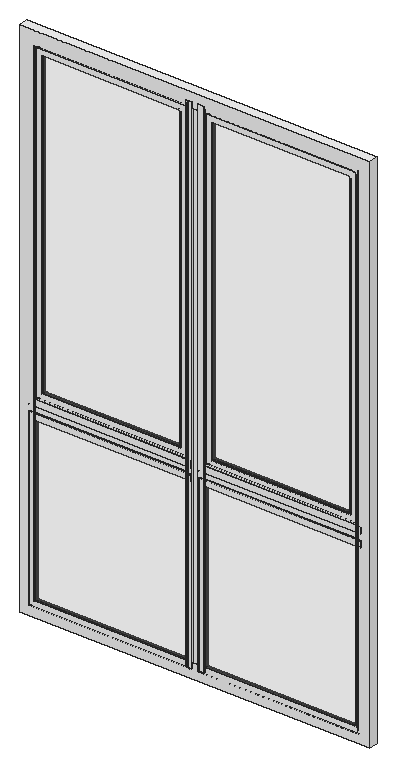
Revit family
Parameters (values of type "SHH1218")
  Height = 1790 mm
  Head Height = 2125 mm
  Default Sill Height = Head Height - Height  # 335 mm
  Wall Closure = (empty or 0)
  Width = 1190 mm
Types (3, lengths in mm): name | Height | Default Sill Height
  (no name) | 1790 | 335
  SHH1218 | 1790 | 335
  SHH1215 | 1490 | 635
Reference planes
  plane 1 "Center (Front/Back)": y = 0
  plane 2 "Center (Left/Right)": x = 0
  plane 3 "Left": x = -595
  plane 4 "Right": x = 595
  plane 5 "Sill": z = 335
  plane 6 "Head": z = 2125
  plane 7 "Exterior": y = 100
  plane 8 "Interior": y = -100
  plane 9: y = -30.5
  plane 10: x = 0
  plane 11: z = 968.15
  plane 12: z = 1538.275
Forms (mm)
  Sweep 1, solid, material "Default Frame"
    path origin (0, 100, 0) x (1, 0, 0) y (0, 0, 1)
      loop
        line (595, 2125) -> (-595, 2125) -> (-595, 335) -> (595, 335) -> (595, 2125)
    profile origin (0, 100, 2125) x (0, 0, -1) y (0, -1, 0)
      loop
        line (0, 115.25) -> (0, 84.75) -> (30.58, 84.75) -> (30.58, 87.464) -> (28.08, 86.021) -> (28.08, 113.85) -> (39.575, 113.85) -> (39.575, 111.85) -> (46.275, 111.85)
        arc (46.275, 111.85) -> (46.875, 111.25) -> (47.475, 111.85) r 0.6
        line (47.475, 111.85) -> (47.475, 115.25) -> (0, 115.25)
  Sweep 2, solid, material "Default Frame"
    path origin (-2000, 100, 1819.513) x (0, 0, -1) y (1, 0, 0)
      loop
        line (1453.933, 2025) -> (-274.907, 2025)
    profile origin (25, 100, 1230) x (-1, 0, 0) y (0, -1, 0)
      loop
        line (-5.9, 115.25) -> (-5.9, 111.85)
        arc (-5.9, 111.85) -> (-5.3, 111.25) -> (-4.7, 111.85) r 0.6
        line (-4.7, 111.85) -> (2, 111.85) -> (2, 113.85) -> (13.5, 113.85) -> (13.5, 86.026) -> (11, 87.47) -> (11, 84.75) -> (39, 84.75) -> (39, 87.47) -> (36.5, 86.026) -> (36.5, 113.85) -> (48, 113.85) -> (48, 111.85) -> (54.7, 111.85)
        arc (54.7, 111.85) -> (55.3, 111.25) -> (55.9, 111.85) r 0.6
        line (55.9, 111.85) -> (55.9, 115.25) -> (34.5, 115.25) -> (34.5, 111.07) -> (15.5, 111.07) -> (15.5, 115.25) -> (-5.9, 115.25)
  Extrusion 3, solid, material "Glass"
    sketch origin (0, 0.5, 49.432) x (-1, 0, 0) y (0, 0, -1)
      loop
        line (-39.24, -2019.688) -> (-39.24, -957.958) -> (-539.12, -957.958) -> (-539.12, -2019.688) -> (-39.24, -2019.688)
    from 0 to 3
  Sweep 4, solid, material "Default Frame"
    path origin (50, -100, -50) x (-1, 0, 0) y (0, 0, 1)
      loop
        line (16.64, 2125) -> (-495, 2125) -> (-495, 1051.51) -> (16.64, 1051.51) -> (16.64, 2125)
    profile origin (289.18, -100, 2075) x (0, 0, -1) y (0, 1, 0)
      loop
        line (2.36, 95.735) -> (2.36, 105.637) -> (5.88, 105.637) -> (5.88, 104.637) -> (17.687, 104.637) -> (17.687, 105.637) -> (4.719, 118.735) -> (3.26, 118.735) -> (3.26, 116.536) -> (1.26, 117.263) -> (1.26, 91.035)
        arc (1.26, 91.035) -> (1.541, 90.736) -> (1.858, 90.997) r 0.3
        line (1.858, 90.997) -> (2.36, 95.735)
  Sweep 5, solid, material "Default Frame"
    path origin (50, -100, -50) x (-1, 0, 0) y (0, 0, 1)
      loop
        line (16.6, 2125) -> (-495, 2125) -> (-495, 1051.55) -> (16.6, 1051.55) -> (16.6, 2125)
    profile origin (289.2, -100, 2075) x (0, 0, -1) y (0, 1, 0)
      loop
        line (-10.425, 88.75) -> (20.155, 88.75) -> (20.155, 92.15)
        arc (20.155, 92.15) -> (19.555, 92.75) -> (18.955, 92.15) r 0.6
        line (18.955, 92.15) -> (12.255, 92.15) -> (12.255, 90.15) -> (0.76, 90.15) -> (0.76, 117.979) -> (3.26, 116.536) -> (3.26, 119.25) -> (-27.32, 119.25) -> (-27.32, 115.85)
        arc (-27.32, 115.85) -> (-26.72, 115.25) -> (-26.12, 115.85) r 0.6
        line (-26.12, 115.85) -> (-19.42, 115.85) -> (-19.42, 117.85) -> (-7.92, 117.85) -> (-7.92, 90.018) -> (-10.425, 91.464) -> (-10.425, 88.75)
  Sweep 6, solid, material "Rubber seal"
    path origin (50, -100, -50) x (-1, 0, 0) y (0, 0, 1)
      loop
        line (16.64, 2125) -> (-495, 2125) -> (-495, 1051.51) -> (16.64, 1051.51) -> (16.64, 2125)
    profile origin (289.18, -100, 2075) x (0, 0, -1) y (0, 1, 0)
      loop
        line (18.698, 104.637) -> (12.329, 104.637) -> (12.329, 100.5) -> (22.835, 100.5) -> (18.698, 104.637)
      loop
        line (22.835, 97.5) -> (12.329, 97.5) -> (12.329, 92.75) -> (19.555, 92.75) -> (22.835, 97.5)
  Sweep 7, solid, material "Default Frame"
    path origin (10.487, 100.399, -1182.85) x (1, 0, 0) y (0, 0, 1)
      loop
        line (553.933, 2175) -> (3.513, 2175)
    profile origin (289.21, 100.399, 992.15) x (0, 0, -1) y (0, -1, 0)
      loop
        line (-6.9, 115.449) -> (-6.9, 112.049)
        arc (-6.9, 112.049) -> (-6.3, 111.449) -> (-5.7, 112.049) r 0.6
        line (-5.7, 112.049) -> (1, 112.049) -> (1, 114.049) -> (12.5, 114.049) -> (12.5, 86.226) -> (10, 87.669) -> (10, 84.949) -> (38, 84.949) -> (38, 87.669) -> (35.5, 86.226) -> (35.5, 114.049) -> (47, 114.049) -> (47, 112.049) -> (53.7, 112.049)
        arc (53.7, 112.049) -> (54.3, 111.449) -> (54.9, 112.049) r 0.6
        line (54.9, 112.049) -> (54.9, 115.449) -> (33.5, 115.449) -> (33.5, 111.269) -> (14.5, 111.269) -> (14.5, 115.449) -> (-6.9, 115.449)
  Sweep 8, solid, material "Default Frame"
    path origin (415.12, -108, -69.76) x (-1, 0, 0) y (0, 0, 1)
      loop
        line (446.82, 1069.61) -> (-195.04, 1069.61) -> (-195.04, 389.6) -> (446.82, 389.6) -> (446.82, 1069.61)
    profile origin (289.23, -108, 999.85) x (0, 0, -1) y (0, 1, 0)
      loop
        line (44.84, 99.735) -> (44.84, 109.637) -> (48.361, 109.637) -> (48.361, 108.637) -> (60.167, 108.637) -> (60.167, 109.637) -> (47.199, 122.735) -> (45.74, 122.735) -> (45.74, 120.536) -> (43.741, 121.263) -> (43.741, 95.035)
        arc (43.741, 95.035) -> (44.022, 94.736) -> (44.338, 94.997) r 0.3
        line (44.338, 94.997) -> (44.84, 99.735)
  Sweep 9, solid, material "Rubber seal"
    path origin (415.12, -108, -69.76) x (-1, 0, 0) y (0, 0, 1)
      loop
        line (446.78, 1069.61) -> (-195.04, 1069.61) -> (-195.04, 389.6) -> (446.78, 389.6) -> (446.78, 1069.61)
    profile origin (289.25, -108, 999.85) x (0, 0, -1) y (0, 1, 0)
      loop
        line (61.027, 108.637) -> (54.657, 108.637) -> (54.657, 104.5) -> (65.164, 104.5) -> (61.027, 108.637)
      loop
        line (65.164, 101.5) -> (54.657, 101.5) -> (54.657, 96.75) -> (61.884, 96.75) -> (65.164, 101.5)
  Extrusion 10, solid, material "Glass"
    sketch origin (529.64, -3.5, 10.243) x (1, 0, 0) y (0, 0, 1)
      loop
        line (32.16, 941.246) -> (-512.979, 941.246) -> (-512.979, 357.957) -> (32.16, 357.957) -> (32.16, 941.246)
    from 0 to 3
  Sweep 11, solid, material "Default Frame"
    path origin (-50, -100, -50) x (1, 0, 0) y (0, 0, -1)
      loop
        line (16.64, -2125) -> (16.64, -1051.51) -> (-495, -1051.51) -> (-495, -2125) -> (16.64, -2125)
    profile origin (-289.18, -100, 2075) x (0, 0, 1) y (0, 1, 0)
      loop
        line (-2.36, 95.735) -> (-1.858, 90.997)
        arc (-1.858, 90.997) -> (-1.541, 90.736) -> (-1.26, 91.035) r 0.3
        line (-1.26, 91.035) -> (-1.26, 117.263) -> (-3.26, 116.536) -> (-3.26, 118.735) -> (-4.719, 118.735) -> (-17.687, 105.637) -> (-17.687, 104.637) -> (-5.88, 104.637) -> (-5.88, 105.637) -> (-2.36, 105.637) -> (-2.36, 95.735)
  Sweep 12, solid, material "Default Frame"
    path origin (-50, -100, -50) x (1, 0, 0) y (0, 0, -1)
      loop
        line (16.6, -2125) -> (16.6, -1051.55) -> (-495, -1051.55) -> (-495, -2125) -> (16.6, -2125)
    profile origin (-289.2, -100, 2075) x (0, 0, 1) y (0, 1, 0)
      loop
        line (10.425, 88.75) -> (10.425, 91.464) -> (7.92, 90.018) -> (7.92, 117.85) -> (19.42, 117.85) -> (19.42, 115.85) -> (26.12, 115.85)
        arc (26.12, 115.85) -> (26.72, 115.25) -> (27.32, 115.85) r 0.6
        line (27.32, 115.85) -> (27.32, 119.25) -> (-3.26, 119.25) -> (-3.26, 116.536) -> (-0.76, 117.979) -> (-0.76, 90.15) -> (-12.255, 90.15) -> (-12.255, 92.15) -> (-18.955, 92.15)
        arc (-18.955, 92.15) -> (-19.555, 92.75) -> (-20.155, 92.15) r 0.6
        line (-20.155, 92.15) -> (-20.155, 88.75) -> (10.425, 88.75)
  Sweep 13, solid, material "Rubber seal"
    path origin (-50, -100, -50) x (1, 0, 0) y (0, 0, -1)
      loop
        line (16.64, -2125) -> (16.64, -1051.51) -> (-495, -1051.51) -> (-495, -2125) -> (16.64, -2125)
    profile origin (-289.18, -100, 2075) x (0, 0, 1) y (0, 1, 0)
      loop
        line (-18.698, 104.637) -> (-22.835, 100.5) -> (-12.329, 100.5) -> (-12.329, 104.637) -> (-18.698, 104.637)
      loop
        line (-22.835, 97.5) -> (-19.555, 92.75) -> (-12.329, 92.75) -> (-12.329, 97.5) -> (-22.835, 97.5)
  Sweep 14, solid, material "Default Frame"
    path origin (-10.487, 100.399, -1182.85) x (-1, 0, 0) y (0, 0, -1)
      loop
        line (553.933, -2175) -> (3.513, -2175)
    profile origin (-289.21, 100.399, 992.15) x (0, 0, 1) y (0, -1, 0)
      loop
        line (6.9, 115.449) -> (-14.5, 115.449) -> (-14.5, 111.269) -> (-33.5, 111.269) -> (-33.5, 115.449) -> (-54.9, 115.449) -> (-54.9, 112.049)
        arc (-54.9, 112.049) -> (-54.3, 111.449) -> (-53.7, 112.049) r 0.6
        line (-53.7, 112.049) -> (-47, 112.049) -> (-47, 114.049) -> (-35.5, 114.049) -> (-35.5, 86.226) -> (-38, 87.669) -> (-38, 84.949) -> (-10, 84.949) -> (-10, 87.669) -> (-12.5, 86.226) -> (-12.5, 114.049) -> (-1, 114.049) -> (-1, 112.049) -> (5.7, 112.049)
        arc (5.7, 112.049) -> (6.3, 111.449) -> (6.9, 112.049) r 0.6
        line (6.9, 112.049) -> (6.9, 115.449)
  Sweep 15, solid, material "Default Frame"
    path origin (-415.12, -108, -69.76) x (1, 0, 0) y (0, 0, -1)
      loop
        line (446.82, -1069.61) -> (446.82, -389.6) -> (-195.04, -389.6) -> (-195.04, -1069.61) -> (446.82, -1069.61)
    profile origin (-289.23, -108, 999.85) x (0, 0, 1) y (0, 1, 0)
      loop
        line (-44.84, 99.735) -> (-44.338, 94.997)
        arc (-44.338, 94.997) -> (-44.022, 94.736) -> (-43.741, 95.035) r 0.3
        line (-43.741, 95.035) -> (-43.741, 121.263) -> (-45.74, 120.536) -> (-45.74, 122.735) -> (-47.199, 122.735) -> (-60.167, 109.637) -> (-60.167, 108.637) -> (-48.361, 108.637) -> (-48.361, 109.637) -> (-44.84, 109.637) -> (-44.84, 99.735)
  Sweep 16, solid, material "Rubber seal"
    path origin (-415.12, -108, -69.76) x (1, 0, 0) y (0, 0, -1)
      loop
        line (446.78, -1069.61) -> (446.78, -389.6) -> (-195.04, -389.6) -> (-195.04, -1069.61) -> (446.78, -1069.61)
    profile origin (-289.25, -108, 999.85) x (0, 0, 1) y (0, 1, 0)
      loop
        line (-61.027, 108.637) -> (-65.164, 104.5) -> (-54.657, 104.5) -> (-54.657, 108.637) -> (-61.027, 108.637)
      loop
        line (-65.164, 101.5) -> (-61.884, 96.75) -> (-54.657, 96.75) -> (-54.657, 101.5) -> (-65.164, 101.5)
  Extrusion 17, solid, material "Glass"
    sketch origin (0, 0.5, 49.432) x (1, 0, 0) y (0, 0, 1)
      loop
        line (-39.24, 2019.688) -> (-539.12, 2019.688) -> (-539.12, 957.958) -> (-39.24, 957.958) -> (-39.24, 2019.688)
    from 0 to 3
  Extrusion 18, solid, material "Glass"
    sketch origin (-529.64, -3.5, 10.243) x (-1, 0, 0) y (0, 0, -1)
      loop
        line (32.16, -941.246) -> (32.16, -357.957) -> (-512.979, -357.957) -> (-512.979, -941.246) -> (32.16, -941.246)
    from 0 to 3
Lines and regions (mm)
  Opening 1
    outline origin (3500, -100, 0) x (1, 0, 0) y (0, 0, 1)
      loop
        line (-2905, 335) -> (-2905, 2125) -> (-4095, 2125) -> (-4095, 335) -> (-2905, 335)
  symbolic lines, style "Elevation Swing"
    curve 1: line (6.08, 38.5, 1538.275) -> (572.32, 38.5, 974.23)
    curve 2: line (6.08, 38.5, 1538.275) -> (572.32, 38.5, 2102.32)
    curve 3: line (-6.08, 38.5, 1538.275) -> (-572.32, 38.5, 974.23)
    curve 4: line (-6.08, 38.5, 1538.275) -> (-572.32, 38.5, 2102.32)
Text (mm)
  text "EXTERIOR" at (-1963.203, 1332.353, 0), in view "Ref. Level"
  text "INTERIOR" at (-1981.466, -818.386, 0), in view "Ref. Level"
  text "Exterior" at (0, 923.751, 2943.296), in view "Right"
  text "Exterior" at (0, 1040.484, 2685.409), in view "Left"
Dimensions and locks
  equal spacing: plane 3 "Left", plane 2 "Center (Left/Right)", plane 4 "Right"
  "Width": plane 3 "Left" to plane 4 "Right"
  "Height": plane 5 "Sill" to plane 6 "Head"
  "Default Sill Height": plane 5 "Sill" to level
  locked: plane 7 "Exterior" to host wall at 0
  locked: plane 8 "Interior" to host wall
  locked: plane 10 to plane 4 "Right" at 595
  locked: plane 10 to Sweep 2 sketch curve at 25
  Sweep 8 sketch curve to Sweep 1 = 15.16 mm  (x2)
  Sweep 9 sketch curve to Sweep 1 = 15.16 mm
  plane 10 to Extrusion 10 = 16.661 mm
  Sweep 7 to Sweep 8 sketch curve = 45.7 mm
  Sweep 7 to Sweep 9 sketch curve = 45.7 mm
  equal spacing: Sweep 5, plane 12, Sweep 5
  plane 11 to Extrusion 3 = 39.24 mm
  plane 11 to Extrusion 10 = 16.661 mm
  Sweep 5 sketch curve to Sweep 2 = 19.4 mm
  Sweep 7 to Sweep 5 sketch curve = 19.4 mm
  Sweep 4 sketch curve to Sweep 5 = 3.3 mm
  Sweep 5 to Sweep 4 sketch curve = 3.3 mm
  Sweep 6 sketch curve to Sweep 5 = 3.3 mm
  Sweep 5 to Sweep 6 sketch curve = 3.3 mm
  Sweep 2 to Sweep 8 sketch curve = 45.7 mm
  Sweep 9 sketch curve to Sweep 8 = 45.7 mm
  Sweep 15 sketch curve to Sweep 14 = 45.7 mm
  Sweep 16 sketch curve to Sweep 14 = 45.7 mm
  Sweep 12 sketch curve to Sweep 14 = 19.4 mm
  Sweep 12 to Sweep 11 sketch curve = 3.3 mm  (x2)
  Sweep 12 to Sweep 13 sketch curve = 3.3 mm  (x2)
  Sweep 16 sketch curve to Sweep 15 = 45.7 mm
  aligned and locked: plane 12 to curve 2
  aligned and locked: plane 12 to curve 4
  aligned and locked: Sweep 12 to curve 4
  aligned and locked: curve 3 to Sweep 12
  aligned and locked: Sweep 5 to curve 1
  aligned and locked: curve 2 to Sweep 5
Automatic sketch dimensions
  Opening 1 sketch curve to plane 3 "Left" = 0 mm
  Opening 1 sketch curve to plane 4 "Right" = 0 mm
  Opening 1 sketch curve to plane 5 "Sill" = 0 mm
  Opening 1 sketch curve to plane 6 "Head" = 0 mm
  Sweep 1 sketch curve to plane 3 "Left" = 0 mm
  Sweep 1 sketch curve to plane 4 "Right" = 0 mm
  Sweep 1 sketch curve to plane 5 "Sill" = 0 mm
  Sweep 1 sketch curve to plane 6 "Head" = 0 mm
  Sweep 1 sketch curve to profile plane = 0 mm
  Sweep 1 sketch curve to profile plane = 28.08 mm
  Sweep 1 sketch curve to Sweep 1 sketch curve = 2.5 mm
  Sweep 1 sketch curve to Sweep 1 sketch curve = 11.495 mm
  Sweep 1 sketch curve to Sweep 1 sketch curve = 6.7 mm
  Sweep 1 sketch curve to Sweep 1 sketch curve = 0.6 mm
  profile plane to Sweep 1 sketch curve = 84.75 mm
  Sweep 1 sketch curve to Sweep 1 sketch curve = 1.271 mm
  Sweep 1 sketch curve to Sweep 1 sketch curve = 2.714 mm
  Sweep 1 sketch curve to Sweep 1 sketch curve = 24.386 mm
  Sweep 1 sketch curve to Sweep 1 sketch curve = 2 mm
  Sweep 1 sketch curve to Sweep 1 sketch curve = 3.4 mm
  curve 2 to plane 2 "Center (Left/Right)" = 6.08 mm
  plane 2 "Center (Left/Right)" to curve 4 = 6.08 mm
  plane 11 to curve 3 = 6.08 mm
  plane 11 to curve 1 = 6.08 mm
  plane 6 "Head" to curve 4 = 22.68 mm
  plane 6 "Head" to curve 2 = 22.68 mm
  plane 6 "Head" to Sweep 2 sketch curve = 30.58 mm
  Sweep 2 sketch curve to plane 5 "Sill" = 30.58 mm
  profile plane to Sweep 2 sketch curve = 5.9 mm
  Sweep 2 sketch curve to Sweep 2 sketch curve = 0.6 mm  (x2)
  Sweep 2 sketch curve to profile plane = 2 mm
  Sweep 2 sketch curve to profile plane = 11 mm
  Sweep 2 sketch curve to Sweep 2 sketch curve = 2.5 mm  (x2)
  Sweep 2 sketch curve to Sweep 2 sketch curve = 2 mm  (x4)
  Sweep 2 sketch curve to Sweep 2 sketch curve = 19 mm
  Sweep 2 sketch curve to Sweep 2 sketch curve = 11.5 mm
  Sweep 2 sketch curve to Sweep 2 sketch curve = 6.7 mm
  profile plane to Sweep 2 sketch curve = 84.75 mm
  Sweep 2 sketch curve to Sweep 2 sketch curve = 1.276 mm  (x2)
  Sweep 2 sketch curve to Sweep 2 sketch curve = 2.72 mm  (x2)
  Sweep 2 sketch curve to Sweep 2 sketch curve = 23.6 mm
  Sweep 2 sketch curve to Sweep 2 sketch curve = 0.78 mm  (x2)
  Sweep 2 sketch curve to Sweep 2 sketch curve = 3.4 mm  (x2)
  plane 4 "Right" to Extrusion 3 sketch curve = 55.88 mm
  Extrusion 3 sketch curve to plane 2 "Center (Left/Right)" = 39.24 mm
  plane 6 "Head" to Extrusion 3 sketch curve = 55.88 mm
  plane 11 to Extrusion 3 sketch curve = 39.24 mm
  plane 4 "Right" to Sweep 4 sketch curve = 50 mm
  Sweep 4 sketch curve to plane 2 "Center (Left/Right)" = 33.36 mm
  plane 11 to Sweep 4 sketch curve = 33.36 mm
  plane 6 "Head" to Sweep 4 sketch curve = 50 mm
  Sweep 4 sketch curve to profile plane = 1.26 mm
  Sweep 4 sketch curve to Sweep 4 sketch curve = 0.3 mm
  Sweep 4 sketch curve to Sweep 4 sketch curve = 0.298 mm
  Sweep 4 sketch curve to profile plane = 2.36 mm
  Sweep 4 sketch curve to Sweep 4 sketch curve = 2 mm
  Sweep 4 sketch curve to Sweep 4 sketch curve = 1.459 mm
  Sweep 4 sketch curve to Sweep 4 sketch curve = 3.52 mm
  Sweep 4 sketch curve to Sweep 4 sketch curve = 11.806 mm
  profile plane to Sweep 4 sketch curve = 90.997 mm
  Sweep 4 sketch curve to Sweep 4 sketch curve = 4.738 mm
  Sweep 4 sketch curve to Sweep 4 sketch curve = 8.902 mm
  Sweep 4 sketch curve to Sweep 4 sketch curve = 1 mm  (x2)
  Sweep 4 sketch curve to Sweep 4 sketch curve = 10.899 mm
  Sweep 4 sketch curve to Sweep 4 sketch curve = 0.728 mm
  Sweep 4 sketch curve to Sweep 4 sketch curve = 2.2 mm
  plane 4 "Right" to Sweep 5 sketch curve = 50 mm
  plane 6 "Head" to Sweep 5 sketch curve = 50 mm
  profile plane to Sweep 5 sketch curve = 27.32 mm
  Sweep 5 sketch curve to Sweep 5 sketch curve = 0.6 mm  (x2)
  Sweep 5 sketch curve to Sweep 5 sketch curve = 6.7 mm  (x2)
  profile plane to Sweep 5 sketch curve = 10.425 mm
  Sweep 5 sketch curve to Sweep 5 sketch curve = 2.505 mm
  Sweep 5 sketch curve to profile plane = 0.76 mm
  Sweep 5 sketch curve to Sweep 5 sketch curve = 2.5 mm
  Sweep 5 sketch curve to Sweep 5 sketch curve = 11.495 mm
  profile plane to Sweep 5 sketch curve = 88.75 mm
  Sweep 5 sketch curve to Sweep 5 sketch curve = 1.268 mm
  Sweep 5 sketch curve to Sweep 5 sketch curve = 1.4 mm
  Sweep 5 sketch curve to Sweep 5 sketch curve = 2.714 mm  (x2)
  Sweep 5 sketch curve to Sweep 5 sketch curve = 3.4 mm
  Sweep 5 sketch curve to Sweep 5 sketch curve = 24.386 mm
  Sweep 5 sketch curve to Sweep 5 sketch curve = 0.686 mm
  Sweep 5 sketch curve to Sweep 5 sketch curve = 2 mm
  Sweep 5 sketch curve to Sweep 5 sketch curve = 1.443 mm
  plane 4 "Right" to Sweep 6 sketch curve = 50 mm
  plane 6 "Head" to Sweep 6 sketch curve = 50 mm
  Sweep 6 sketch curve to profile plane = 12.329 mm
  Sweep 6 sketch curve to Sweep 6 sketch curve = 0 mm  (x2)
  Sweep 6 sketch curve to Sweep 6 sketch curve = 6.37 mm
  Sweep 6 sketch curve to Sweep 6 sketch curve = 7.226 mm
  Sweep 6 sketch curve to Sweep 6 sketch curve = 4.137 mm  (x2)
  profile plane to Sweep 6 sketch curve = 92.75 mm
  Sweep 6 sketch curve to Sweep 6 sketch curve = 4.75 mm
  Sweep 6 sketch curve to Sweep 6 sketch curve = 3 mm
  Sweep 7 sketch curve to plane 2 "Center (Left/Right)" = 14 mm
  plane 4 "Right" to Sweep 7 sketch curve = 30.58 mm
  plane 11 to Sweep 7 sketch curve = 24 mm
  profile plane to Sweep 7 sketch curve = 6.9 mm
  Sweep 7 sketch curve to Sweep 7 sketch curve = 0.6 mm  (x2)
  Sweep 7 sketch curve to profile plane = 1 mm
  Sweep 7 sketch curve to profile plane = 10 mm
  Sweep 7 sketch curve to Sweep 7 sketch curve = 2.5 mm  (x2)
  Sweep 7 sketch curve to Sweep 7 sketch curve = 2 mm  (x4)
  Sweep 7 sketch curve to Sweep 7 sketch curve = 19 mm
  Sweep 7 sketch curve to Sweep 7 sketch curve = 11.5 mm
  Sweep 7 sketch curve to Sweep 7 sketch curve = 6.7 mm
  profile plane to Sweep 7 sketch curve = 84.949 mm
  Sweep 7 sketch curve to Sweep 7 sketch curve = 1.276 mm  (x2)
  Sweep 7 sketch curve to Sweep 7 sketch curve = 2.72 mm  (x2)
  Sweep 7 sketch curve to Sweep 7 sketch curve = 23.6 mm
  Sweep 7 sketch curve to Sweep 7 sketch curve = 0.78 mm  (x2)
  Sweep 7 sketch curve to Sweep 7 sketch curve = 3.4 mm  (x2)
  Sweep 8 sketch curve to profile plane = 43.741 mm
  Sweep 8 sketch curve to Sweep 8 sketch curve = 0.3 mm
  Sweep 8 sketch curve to Sweep 8 sketch curve = 0.298 mm
  Sweep 8 sketch curve to Sweep 8 sketch curve = 0.502 mm
  Sweep 8 sketch curve to Sweep 8 sketch curve = 2 mm
  Sweep 8 sketch curve to Sweep 8 sketch curve = 1.459 mm
  Sweep 8 sketch curve to Sweep 8 sketch curve = 3.52 mm
  Sweep 8 sketch curve to Sweep 8 sketch curve = 11.806 mm
  profile plane to Sweep 8 sketch curve = 94.997 mm
  Sweep 8 sketch curve to Sweep 8 sketch curve = 4.738 mm
  Sweep 8 sketch curve to Sweep 8 sketch curve = 8.902 mm
  Sweep 8 sketch curve to Sweep 8 sketch curve = 1 mm  (x2)
  Sweep 8 sketch curve to Sweep 8 sketch curve = 10.899 mm
  Sweep 8 sketch curve to Sweep 8 sketch curve = 0.728 mm
  Sweep 8 sketch curve to Sweep 8 sketch curve = 2.2 mm
  plane 5 "Sill" to Sweep 9 sketch curve = 15.16 mm
  Sweep 9 sketch curve to profile plane = 54.657 mm
  Sweep 9 sketch curve to Sweep 9 sketch curve = 0 mm  (x2)
  Sweep 9 sketch curve to Sweep 9 sketch curve = 6.37 mm
  Sweep 9 sketch curve to Sweep 9 sketch curve = 7.226 mm
  Sweep 9 sketch curve to Sweep 9 sketch curve = 4.137 mm  (x2)
  profile plane to Sweep 9 sketch curve = 96.75 mm
  Sweep 9 sketch curve to Sweep 9 sketch curve = 4.75 mm
  Sweep 9 sketch curve to Sweep 9 sketch curve = 3 mm
  Extrusion 10 sketch curve to plane 2 "Center (Left/Right)" = 16.661 mm
  plane 4 "Right" to Extrusion 10 sketch curve = 33.2 mm
  Extrusion 10 sketch curve to plane 5 "Sill" = 33.2 mm
  Extrusion 10 sketch curve to plane 11 = 16.661 mm
  Sweep 11 sketch curve to plane 3 "Left" = 50 mm
  plane 2 "Center (Left/Right)" to Sweep 11 sketch curve = 33.36 mm
  plane 6 "Head" to Sweep 11 sketch curve = 50 mm
  plane 11 to Sweep 11 sketch curve = 33.36 mm
  profile plane to Sweep 11 sketch curve = 17.687 mm
  profile plane to Sweep 11 sketch curve = 5.88 mm
  profile plane to Sweep 11 sketch curve = 4.719 mm
  Sweep 11 sketch curve to Sweep 11 sketch curve = 1.459 mm
  profile plane to Sweep 11 sketch curve = 2.36 mm
  profile plane to Sweep 11 sketch curve = 1.858 mm
  Sweep 11 sketch curve to Sweep 11 sketch curve = 0.298 mm
  Sweep 11 sketch curve to Sweep 11 sketch curve = 0.3 mm
  profile plane to Sweep 11 sketch curve = 90.997 mm
  Sweep 11 sketch curve to Sweep 11 sketch curve = 4.738 mm
  Sweep 11 sketch curve to Sweep 11 sketch curve = 8.902 mm
  Sweep 11 sketch curve to Sweep 11 sketch curve = 1 mm  (x2)
  Sweep 11 sketch curve to Sweep 11 sketch curve = 10.899 mm
  Sweep 11 sketch curve to Sweep 11 sketch curve = 0.728 mm
  Sweep 11 sketch curve to Sweep 11 sketch curve = 2.2 mm
  Sweep 12 sketch curve to plane 3 "Left" = 50 mm
  plane 2 "Center (Left/Right)" to Sweep 12 sketch curve = 33.4 mm
  plane 6 "Head" to Sweep 12 sketch curve = 50 mm
  profile plane to Sweep 12 sketch curve = 20.155 mm
  Sweep 12 sketch curve to Sweep 12 sketch curve = 0.6 mm  (x2)
  Sweep 12 sketch curve to Sweep 12 sketch curve = 6.7 mm  (x2)
  profile plane to Sweep 12 sketch curve = 3.26 mm
  profile plane to Sweep 12 sketch curve = 0.76 mm
  Sweep 12 sketch curve to profile plane = 7.92 mm
  Sweep 12 sketch curve to Sweep 12 sketch curve = 2.505 mm
  Sweep 12 sketch curve to Sweep 12 sketch curve = 11.5 mm
  profile plane to Sweep 12 sketch curve = 88.75 mm
  Sweep 12 sketch curve to Sweep 12 sketch curve = 1.268 mm
  Sweep 12 sketch curve to Sweep 12 sketch curve = 1.4 mm
  Sweep 12 sketch curve to Sweep 12 sketch curve = 2.714 mm  (x2)
  Sweep 12 sketch curve to Sweep 12 sketch curve = 3.4 mm
  Sweep 12 sketch curve to Sweep 12 sketch curve = 24.386 mm
  Sweep 12 sketch curve to Sweep 12 sketch curve = 0.686 mm
  Sweep 12 sketch curve to Sweep 12 sketch curve = 2 mm
  Sweep 12 sketch curve to Sweep 12 sketch curve = 1.443 mm
  Sweep 13 sketch curve to plane 3 "Left" = 50 mm
  plane 6 "Head" to Sweep 13 sketch curve = 50 mm
  profile plane to Sweep 13 sketch curve = 22.835 mm
  Sweep 13 sketch curve to Sweep 13 sketch curve = 0 mm
  Sweep 13 sketch curve to Sweep 13 sketch curve = 3.28 mm
  Sweep 13 sketch curve to Sweep 13 sketch curve = 4.137 mm  (x2)
  Sweep 13 sketch curve to Sweep 13 sketch curve = 6.37 mm
  Sweep 13 sketch curve to Sweep 13 sketch curve = 7.226 mm
  profile plane to Sweep 13 sketch curve = 92.75 mm
  Sweep 13 sketch curve to Sweep 13 sketch curve = 4.75 mm
  Sweep 13 sketch curve to Sweep 13 sketch curve = 3 mm
  plane 2 "Center (Left/Right)" to Sweep 14 sketch curve = 14 mm
  Sweep 14 sketch curve to plane 3 "Left" = 30.58 mm
  plane 11 to Sweep 14 sketch curve = 24 mm
  profile plane to Sweep 14 sketch curve = 54.9 mm
  Sweep 14 sketch curve to Sweep 14 sketch curve = 0.6 mm  (x2)
  Sweep 14 sketch curve to Sweep 14 sketch curve = 6.7 mm
  Sweep 14 sketch curve to Sweep 14 sketch curve = 9 mm
  Sweep 14 sketch curve to Sweep 14 sketch curve = 11.5 mm
  Sweep 14 sketch curve to Sweep 14 sketch curve = 2 mm  (x3)
  profile plane to Sweep 14 sketch curve = 14.5 mm
  profile plane to Sweep 14 sketch curve = 12.5 mm
  Sweep 14 sketch curve to Sweep 14 sketch curve = 2.5 mm
  profile plane to Sweep 14 sketch curve = 1 mm
  Sweep 14 sketch curve to profile plane = 5.7 mm
  profile plane to Sweep 14 sketch curve = 84.949 mm
  Sweep 14 sketch curve to Sweep 14 sketch curve = 1.276 mm  (x2)
  Sweep 14 sketch curve to Sweep 14 sketch curve = 2.72 mm  (x2)
  Sweep 14 sketch curve to Sweep 14 sketch curve = 23.6 mm
  Sweep 14 sketch curve to Sweep 14 sketch curve = 0.78 mm  (x2)
  Sweep 14 sketch curve to Sweep 14 sketch curve = 3.4 mm  (x2)
  plane 3 "Left" to Sweep 15 sketch curve = 15.16 mm
  plane 5 "Sill" to Sweep 15 sketch curve = 15.16 mm
  Sweep 15 sketch curve to plane 2 "Center (Left/Right)" = 31.7 mm
  profile plane to Sweep 15 sketch curve = 60.167 mm
  Sweep 15 sketch curve to Sweep 15 sketch curve = 11.806 mm
  Sweep 15 sketch curve to Sweep 15 sketch curve = 1.161 mm
  Sweep 15 sketch curve to Sweep 15 sketch curve = 1.459 mm
  Sweep 15 sketch curve to Sweep 15 sketch curve = 3.52 mm
  Sweep 15 sketch curve to Sweep 15 sketch curve = 0.502 mm
  Sweep 15 sketch curve to Sweep 15 sketch curve = 0.298 mm
  Sweep 15 sketch curve to Sweep 15 sketch curve = 0.3 mm
  profile plane to Sweep 15 sketch curve = 94.997 mm
  Sweep 15 sketch curve to Sweep 15 sketch curve = 4.738 mm
  Sweep 15 sketch curve to Sweep 15 sketch curve = 8.902 mm
  Sweep 15 sketch curve to Sweep 15 sketch curve = 1 mm  (x2)
  Sweep 15 sketch curve to Sweep 15 sketch curve = 10.899 mm
  Sweep 15 sketch curve to Sweep 15 sketch curve = 0.728 mm
  Sweep 15 sketch curve to Sweep 15 sketch curve = 2.2 mm
  plane 3 "Left" to Sweep 16 sketch curve = 15.16 mm
  plane 5 "Sill" to Sweep 16 sketch curve = 15.16 mm
  profile plane to Sweep 16 sketch curve = 65.164 mm
  Sweep 16 sketch curve to Sweep 16 sketch curve = 0 mm
  Sweep 16 sketch curve to Sweep 16 sketch curve = 3.28 mm
  Sweep 16 sketch curve to Sweep 16 sketch curve = 4.137 mm  (x2)
  Sweep 16 sketch curve to Sweep 16 sketch curve = 6.37 mm
  Sweep 16 sketch curve to Sweep 16 sketch curve = 7.226 mm
  profile plane to Sweep 16 sketch curve = 96.75 mm
  Sweep 16 sketch curve to Sweep 16 sketch curve = 4.75 mm
  Sweep 16 sketch curve to Sweep 16 sketch curve = 3 mm
  Extrusion 17 sketch curve to plane 3 "Left" = 55.88 mm
  plane 2 "Center (Left/Right)" to Extrusion 17 sketch curve = 39.24 mm
  plane 11 to Extrusion 17 sketch curve = 39.24 mm
  plane 6 "Head" to Extrusion 17 sketch curve = 55.88 mm
  plane 2 "Center (Left/Right)" to Extrusion 18 sketch curve = 16.661 mm
  Extrusion 18 sketch curve to plane 3 "Left" = 33.2 mm
  Extrusion 18 sketch curve to plane 11 = 16.661 mm
  Extrusion 18 sketch curve to plane 5 "Sill" = 33.2 mm
